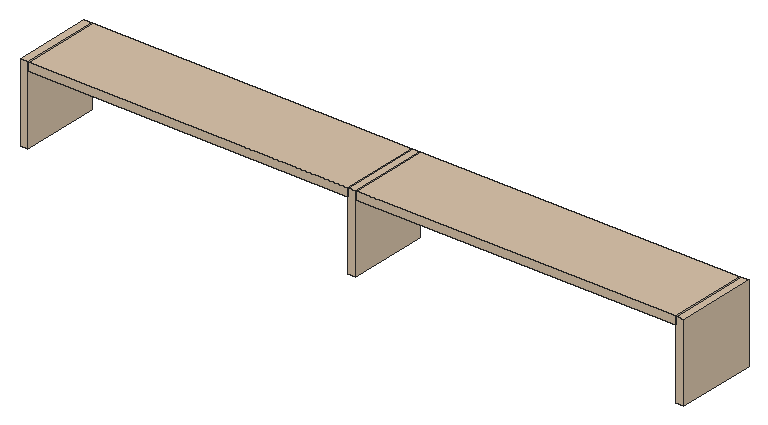
Revit family "Haworth_Patterns_StudioTable", category Furniture Systems, Revit 2018
Family settings
  Round Connector Dimension = Use Diameter
  Part Type = Normal
  OmniClass Number = 23.40.70.14.64.21
  OmniClass Title = Systems Furniture
  Work Plane-Based = No
  Always vertical = Yes
  Cut with Voids When Loaded = No
  Shared = No
  Room Calculation Point = No
Parameters (values of type "249w")
  Warranty = "http://www.haworth.com/resources/product-info/warranties"
  URL - Product = "https://www.haworth.com/na/en/products/collaborative-conference/patterns.html"
  Sustainability Info = "http://www.haworth.com/company-info/sustainability"
  Size = "Verify Final Dim. w/ Haworth"  # constant formula
  Width = 249"
  Two Piece Width = (Actual Width - 9") / 2  # 120"
  Two Piece = not(One Piece)  # yes
  Standard Width = "78, 102, 126, 153, 201, 249 in."  # constant formula
  One Piece Width = Actual Width - 6"  # 243"
  One Piece = Actual Width < 153"  # no
  Standard Depths = "30 in."  # constant formula
  Model = "Haworth - Patterns - Studio Table"  # constant formula
  Min. Depth = 30"  # constant formula
  Max. Depth = 63"  # constant formula
  Flip Top Finish = Haworth _ Paint _ Metallic Champagne
  Description = "Haworth - Patterns - Studio Table"  # constant formula
  Custom Size = not(or(Width = 78", Width = 102", Width = 126", Width = 153", Width = 201", Width = 249"))  # no
  Bench Finish = Haworth _ Wood _ White Oak
  Assembly Code = "E2020200"
  URL = "https://www.haworth.com/na/en.html"
  Revision Number = "4"  # constant formula
  Min. Width = 78"  # constant formula
  Max. Width = 249"  # constant formula
  Manufacturer = "Haworth"  # constant formula
  Flip Top One = no
  Author = "SHAPE Environments, LLC"  # constant formula
  Actual Width = if(Width > Max. Width, Max. Width, if(Width < Min. Width, Min. Width, Width))  # 249"
  Actual Height = 29"  # constant formula
  Flip Top Two = no
  Actual Depth = 30"  # constant formula
Types (6): name | Width | Two Piece Width | Two Piece | One Piece Width | One Piece | Flip Top One | Actual Width | Flip Top Two
  78w | 78" | 34 1/2" | no | 72" | yes | yes | 78" | yes
  102w | 102" | 46 1/2" | no | 96" | yes | no | 102" | no
  126w | 126" | 58 1/2" | no | 120" | yes | no | 126" | no
  153w | 153" | 72" | yes | 147" | no | no | 153" | no
  201w | 201" | 96" | yes | 195" | no | no | 201" | no
  249w | 249" | 120" | yes | 243" | no | no | 249" | no
Reference planes (in)
  plane 1 "Bench Back": y = 0
  plane 2: z = 0
  plane 3 "Center L/R": x = 0
  plane 4 "Bench Front": y = -30
  plane 5 "Bench Left": x = -124.5
  plane 6 "Bench Right": x = 124.5
  plane 7 "Inside Left": x = -121.5
  plane 8 "Right inside": x = 121.5
  plane 9 "Bench Top": z = 29
  plane 10 "Underside Top": z = 26
  plane 11 "Bottom of Shelf": z = 5.5
  plane 12 "Bottom of Beam": z = 6.5
  plane 13 "Beam Center": y = -15
  plane 14 "Power Center F/B": y = -4
  plane 15: x = -61.5
  plane 16: x = 61.5
  plane 17 "Center Right": x = 1.5
  plane 18 "Center Left": x = -1.5
Forms (in)
  Extrusion 1, solid, material "Haworth _ Wood _ White Oak" <- "Bench Finish"
    sketch origin (0, 0, 0) x (1, 0, 0) y (0, 1, 0)
      loop
        line (-124.5, 0) -> (-124.5, -30) -> (-121.5, -30) -> (-121.5, 0) -> (-124.5, 0)
    from 0 to 29
  Extrusion 2, solid, material "Haworth _ Wood _ White Oak" <- "Bench Finish"
    sketch origin (0, 0, 0) x (-1, 0, 0) y (0, -1, 0)
      loop
        line (-124.5, 0) -> (-121.5, 0) -> (-121.5, 30) -> (-124.5, 30) -> (-124.5, 0)
    from 0 to 29
  Extrusion 3, solid, material "Haworth _ Wood _ White Oak" <- "Bench Finish", visible <- "Two Piece"
    sketch origin (-61.5, 0, 0) x (-1, 0, 0) y (0, -1, 0)
      loop
        line (-63, 0) -> (-60, 0) -> (-60, 30) -> (-63, 30) -> (-63, 0)
    from 0 to 29
Lines and regions (in)
  Masking region 1
    outline origin (0, 0, 0) x (1, 0, 0) y (0, 1, 0)
      loop
        line (-124.5, 0) -> (-124.5, -30) -> (124.5, -30) -> (124.5, 0) -> (-124.5, 0)
  symbolic lines, style "Haworth"
    curve 1: line (-121.5, -30, 0) -> (-121.5, 0, 0)
    curve 4: line (121.5, 0, 0) -> (121.5, -30, 0)
  symbolic lines, style "Haworth", visible <- "Two Piece"
    curve 2: line (-1.5, 0, 0) -> (-1.5, -30, 0)
    curve 3: line (1.5, -30, 0) -> (1.5, 0, 0)
Dimensions and locks (in)
  "Actual Depth": plane 4 "Bench Front" to plane 1 "Bench Back"
  "Actual Width": plane 5 "Bench Left" to plane 6 "Bench Right"
  equal spacing: plane 5 "Bench Left", plane 3 "Center L/R", plane 6 "Bench Right"
  locked: plane 5 "Bench Left" to plane 7 "Inside Left" at 3
  locked: plane 8 "Right inside" to plane 6 "Bench Right" at 3
  locked: plane 9 "Bench Top" to plane 10 "Underside Top" at 3
  "Actual Height": plane 9 "Bench Top" to plane 2
  equal spacing: plane 4 "Bench Front", plane 13 "Beam Center", plane 1 "Bench Back"
  locked: plane 12 "Bottom of Beam" to plane 11 "Bottom of Shelf" at 1
  locked: plane 14 "Power Center F/B" to plane 1 "Bench Back" at 4
  locked: plane 11 "Bottom of Shelf" to level at 5.5
  equal spacing: plane 7 "Inside Left", plane 15, plane 18 "Center Left"
  equal spacing: plane 17 "Center Right", plane 16, plane 8 "Right inside"
  equal spacing: plane 18 "Center Left", plane 3 "Center L/R", plane 17 "Center Right"
  locked: plane 18 "Center Left" to plane 17 "Center Right" at 3
  aligned and locked: plane 7 "Inside Left" to Extrusion 1 sketch curve
  aligned and locked: Extrusion 1 sketch curve to plane 5 "Bench Left"
  aligned and locked: plane 4 "Bench Front" to Extrusion 1 sketch curve
  aligned and locked: Extrusion 1 sketch curve to plane 1 "Bench Back"
  aligned and locked: plane 9 "Bench Top" to Extrusion 1
  aligned and locked: level to Extrusion 2
  aligned and locked: Extrusion 2 to plane 9 "Bench Top"
  aligned and locked: plane 6 "Bench Right" to Extrusion 2
  aligned: Extrusion 2 to plane 8 "Right inside"
  aligned and locked: plane 4 "Bench Front" to Extrusion 2
  aligned and locked: Extrusion 2 to plane 1 "Bench Back"
  aligned and locked: Extrusion 2 to Masking region 1 sketch curve
  aligned and locked: Masking region 1 sketch curve to Extrusion 2
  aligned and locked: nested 1 to plane 13 "Beam Center"
  aligned and locked: plane 3 "Center L/R" to nested 1
  aligned and locked: nested 2 to plane 15
  aligned and locked: nested 3 to plane 16
  aligned and locked: plane 13 "Beam Center" to nested 3
  aligned and locked: nested 2 to plane 13 "Beam Center"
  aligned: curve 1 to Extrusion 1
  aligned and locked: Extrusion 3 to curve 2
  aligned and locked: Extrusion 3 to curve 3
  aligned and locked: Extrusion 2 to curve 4
  aligned and locked: curve 1 to plane 7 "Inside Left"
  aligned and locked: Extrusion 2 to plane 8 "Right inside"
  aligned and locked: nested 3 to plane 10 "Underside Top"
  aligned and locked: nested 2 to plane 10 "Underside Top"
  aligned and locked: plane 9 "Bench Top" to Extrusion 3
  aligned and locked: Extrusion 3 to plane 2
  aligned and locked: Extrusion 3 to plane 4 "Bench Front"
  aligned and locked: Extrusion 3 to plane 1 "Bench Back"
  aligned and locked: plane 17 "Center Right" to Extrusion 3
  aligned and locked: Extrusion 3 to plane 18 "Center Left"
  aligned and locked: Extrusion 1 to plane 2
Automatic sketch dimensions
  plane 4 "Bench Front" to Extrusion 2 sketch curve = 0"
  Extrusion 2 sketch curve to plane 6 "Bench Right" = 0"
  plane 8 "Right inside" to Extrusion 2 sketch curve = 0"
  plane 1 "Bench Back" to Extrusion 2 sketch curve = 0"
  plane 4 "Bench Front" to Extrusion 3 sketch curve = 0"
  Extrusion 3 sketch curve to plane 17 "Center Right" = 0"
  plane 18 "Center Left" to Extrusion 3 sketch curve = 0"
  plane 1 "Bench Back" to Extrusion 3 sketch curve = 0"
  curve 2 to plane 4 "Bench Front" = 0"
  curve 2 to plane 18 "Center Left" = 0"
  plane 1 "Bench Back" to curve 3 = 0"
  plane 17 "Center Right" to curve 3 = 0"
  curve 4 to plane 4 "Bench Front" = 0"
  plane 1 "Bench Back" to curve 4 = 0"
  curve 3 to plane 4 "Bench Front" = 0"
  curve 1 to plane 4 "Bench Front" = 0"
  plane 1 "Bench Back" to curve 2 = 0"
  curve 1 to plane 1 "Bench Back" = 0"
  plane 16 to curve 4 = 60"
  Masking region 1 sketch curve to plane 5 "Bench Left" = 0"
  plane 1 "Bench Back" to Masking region 1 sketch curve = 0"
Nested families (in)
  nested 1: "Haworth_Studio_Table" at (3, 0, 0), Actual Width <- "One Piece Width", visible <- "One Piece", type "Table"
    with Actual Width 243", Flip Top Single no, Flip Top Double no
  nested 2: "Haworth_Studio_Table" at (-58.5, 0, 0), Actual Width <- "Two Piece Width", visible <- "Two Piece", type "Table"
    with Actual Width 120", Flip Top Single no, Flip Top Double no
  nested 3: "Haworth_Studio_Table" at (64.5, 0, 0), Actual Width <- "Two Piece Width", visible <- "Two Piece", type "Table"
    with Actual Width 120", Flip Top Single no, Flip Top Double no
Definition of nested family "Haworth_Studio_Table"
  Parameters (values of type "Table")
    Flip Top Finish = none
    Assembly Code = "E2020200"
    Warranty = ""
    URL - Product = ""
    URL = "www.haworth.com"
    Sustainability Info = ""
    Size = "Verify Final Dim. w/ Haworth"  # constant formula
    Revision Number = ""
    OmniClass Number = "23.40.70.14"  # constant formula
    Material Options = ""
    Manufacturer = "Haworth"  # constant formula
    LEED Data = ""
    Flip Top Single = yes
    Bench Finish = none
    Author = "SHAPE Environments, LLC"  # constant formula
    Actual Width [instance] = 78"
    Actual Height = 29"
    Actual Depth = 30"
    Flip Top Double = yes
  Reference planes (in)
    plane 1 "Bench Back": y = 0
    plane 2: z = 0
    plane 3 "Center L/R": x = -3
    plane 4 "Bench Front": y = -30
    plane 5 "Inside Left": x = -42
    plane 6 "Right inside": x = 36
    plane 7 "Bench Top": z = 29
    plane 8 "Underside Top": z = 26
    plane 9 "Beam Center": y = -15
    plane 10 "Power Center F/B": y = -4
    plane 11: x = -22.5
    plane 12: x = 16.5
  Forms (in)
    Extrusion 1, solid, material <- "Bench Finish"
      sketch origin (0, 0, 0) x (1, 0, 0) y (0, 1, 0)
        loop
          line (-42, 0) -> (-42, -30) -> (36, -30) -> (36, 0) -> (-42, 0)
      from 26 to 29
  Dimensions and locks (in)
    "Actual Depth": plane 4 "Bench Front" to plane 1 "Bench Back"
    locked: plane 7 "Bench Top" to plane 8 "Underside Top" at 3
    "Actual Height": plane 7 "Bench Top" to plane 2
    equal spacing: plane 4 "Bench Front", plane 9 "Beam Center", plane 1 "Bench Back"
    locked: plane 10 "Power Center F/B" to plane 1 "Bench Back" at 4
    equal spacing: plane 5 "Inside Left", plane 11, plane 3 "Center L/R"
    equal spacing: plane 3 "Center L/R", plane 12, plane 6 "Right inside"
    "Actual Width": plane 5 "Inside Left" to plane 6 "Right inside"
    equal spacing: plane 5 "Inside Left", plane 3 "Center L/R", plane 6 "Right inside"
    aligned and locked: plane 1 "Bench Back" to Extrusion 1 sketch curve
    aligned and locked: plane 4 "Bench Front" to Extrusion 1 sketch curve
    aligned and locked: Extrusion 1 sketch curve to plane 6 "Right inside"
    aligned and locked: Extrusion 1 sketch curve to plane 5 "Inside Left"
    aligned and locked: plane 7 "Bench Top" to Extrusion 1
    aligned and locked: Extrusion 1 to plane 8 "Underside Top"
    aligned and locked: plane 3 "Center L/R" to nested 1
    aligned and locked: plane 10 "Power Center F/B" to nested 1
    aligned and locked: plane 11 to nested 2
    aligned and locked: plane 10 "Power Center F/B" to nested 2
    aligned and locked: plane 12 to nested 3
    aligned and locked: plane 10 "Power Center F/B" to nested 3
  Nested families (in)
    nested 1: "Haworth-Flip Top" at (-3.57037, -4.05249, 0), visible <- "Flip Top Single", type "Flip Top"
      with Single Sided Wide no, Actual Width 8 5/16"
    nested 2: "Haworth-Flip Top" at (-23.07037, -4.05249, 0), visible <- "Flip Top Double", type "Flip Top"
      with Single Sided Wide no, Actual Width 8 5/16"
    nested 3: "Haworth-Flip Top" at (15.92963, -4.05249, 0), visible <- "Flip Top Double", type "Flip Top"
      with Single Sided Wide no, Actual Width 8 5/16"
  Definition of nested family "Haworth-Flip Top"
    Parameters
      Warranty = ""
      URL - Product = ""
      URL = ""
      Sustainability Info = ""
      Size = "Verify Final Dim. w/ Haworth"  # constant formula
      Single Sided Wide = yes
      Single Sided = no
      Revision Number = ""
      OmniClass Number = ""
      Material Options = ""
      Manufacturer = "Haworth"  # constant formula
      LEED Data = ""
      Flip Top Finish = none
      Double Sided Wide = no
      Double Sided = no
      Author = "SHAPE Environments, LLC"  # constant formula
      Assembly Code = ""
      Actual Width = if(or(Double Sided Wide, Single Sided Wide), 11 1/4", 8 5/16")  # 11 1/4"
      Actual Height = 29"
      Actual Depth = if(or(Double Sided Wide, Double Sided), 8", 4 3/8")  # 4 3/8"
    Reference planes (in)
      plane 1 "Center F/B": y = 0.05249
      plane 2: z = 0
      plane 3 "Center L/R": x = 0.57037
      plane 4 "Back": y = 2.23999
      plane 5 "Right": x = 6.19537
      plane 6 "Front": y = -2.13501
      plane 7 "Left": x = -5.05463
      plane 8 "Table Height": z = 29
    Forms (in)
      Extrusion 1, solid, material <- "Flip Top Finish"
        sketch origin (0, 0, 29) x (-1, 0, 0) y (0, -1, 0)
          loop
            line (5.05463, -2.23999) -> (5.05463, 2.13501) -> (-6.19537, 2.13501) -> (-6.19537, -2.23999) -> (5.05463, -2.23999)
        from 0 to 0.125
      Extrusion 2, solid, material <- "Flip Top Finish"
        sketch origin (0, 0, 29) x (-1, 0, 0) y (0, -1, 0)
          loop
            line (4.92963, -2.05249) -> (4.92963, 1.94751) -> (-6.07037, 1.94751) -> (-6.07037, -2.05249) -> (4.92963, -2.05249)
        from 0 to -2.75
    Cuts and joins
      joined: Extrusion 1, Extrusion 2
    Lines and regions (in)
      symbolic lines
        curve 1: line (-5.05463, 2.23999, 0) -> (6.19537, 2.23999, 0)
        curve 2: line (-5.05463, -2.13501, 0) -> (-5.05463, 2.23999, 0)
        curve 3: line (6.19537, -2.13501, 0) -> (-5.05463, -2.13501, 0)
        curve 4: line (6.19537, 2.23999, 0) -> (6.19537, -2.13501, 0)
    Dimensions and locks (in)
      equal spacing: plane 7 "Left", plane 3 "Center L/R", plane 5 "Right"
      "Actual Width": plane 7 "Left" to plane 5 "Right"
      equal spacing: plane 6 "Front", plane 1 "Center F/B", plane 4 "Back"
      "Actual Depth": plane 4 "Back" to plane 6 "Front"
      plane 7 "Left" to Extrusion 2 sketch curve = 1/8"
      plane 4 "Back" to Extrusion 2 sketch curve = 3/16"
      Extrusion 2 sketch curve to plane 5 "Right" = 1/8"
      Extrusion 2 sketch curve to plane 6 "Front" = 3/16"
      "Actual Height": plane 8 "Table Height" to level
      aligned and locked: plane 7 "Left" to Extrusion 1 sketch curve
      aligned and locked: Extrusion 1 sketch curve to plane 4 "Back"
      aligned and locked: plane 6 "Front" to Extrusion 1 sketch curve
      aligned and locked: Extrusion 1 sketch curve to plane 5 "Right"
      aligned and locked: curve 4 to plane 5 "Right"
      aligned and locked: curve 1 to plane 4 "Back"
      aligned and locked: plane 7 "Left" to curve 2
      aligned and locked: plane 6 "Front" to curve 3
